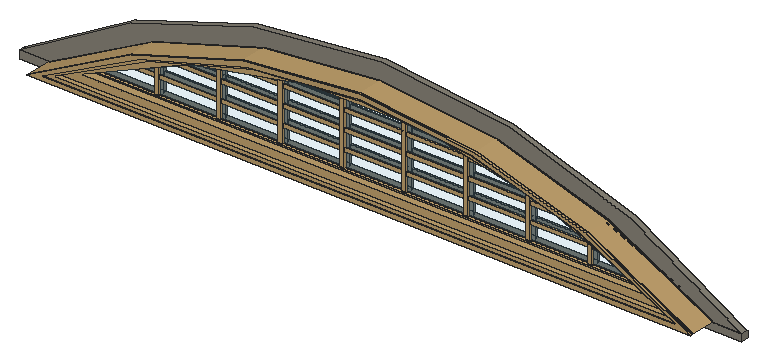
Revit family
Parameters (values of type "CUCART5")
  Window Type = "Clad Ultimate Casement Round Top RT5"
  Void Width = Subsill Length + 2' 0"  # 12' - 10.58331"
  Void Offset = if(Subsill Visibility, 0' 0", 0' 9")  # 0' - 0"
  URL = "www.marvin.com"
  Subsill Length = if(BMC, BMC Chord, Casing Chord)  # 10' - 10.58331"
  Subsill Height_2 = if(Subsill A217, 0' 1 11/32", 0' 0 9/16")  # 0' - 1 11/32"
  Subsill Height = if(Subsill A217 Visibility, 0' 1 11/32", if(Subsill A246 Visibility, 0' 0 9/16", 0' 0"))  # 0' - 1 11/32"
  Subsill A246 Visibility = and(Subsill Visibility, Subsill A246)  # no
  Subsill A217 Visibility = and(Subsill Visibility, Subsill A217)  # yes
  Radius_Glass = Radius - 0' 2 53/256"  # 8' - 10 203/256"
  Radius_Calc = 8 * Height Constraint  # 12' - 0"
  Radius_2 = Radius - 0' 2 29/32"  # 8' - 10 3/32"
  Muntins Interior Visibility = yes
  Muntins Interior Material = Wood-Marvin-Pine
  Muntins Exterior Visibility = yes
  Muntins Exterior Material = Aluminum-Marvin-Bronze
  Muntin Offset = (Width - DLO Chord) / 2  # 0' - 10.62896"
  Mask Offset [instance] = if(Inset to Installation Flange = 0' 1 3/32", 0' 0 1/32", 0' 0")  # 0' - 0"
  Lites Wide = 9
  Lites High = 4
  Interior Material = Wood-Marvin-Pine
  Height Constraint = if(or(Nominal Width / Nominal Height = 2, Nominal Width / Nominal Height < 2), Nominal Width / 2 - 0' 2", if(Nominal Height < 0' 7", 0' 7", Nominal Height))  # 1' - 6"
  Frame = "Aluminum Clad"
  Flat Casing Visibility = and(Casing Visibility, Flat Casing)  # yes
  Design Pressure = "DP50"
  Daylight Area = (DLO Radius ^ 2) / 2 * ((3.1416 / 180) * Angle Sector2 - sin(Angle Sector))  # 5.63868 SF
  DLO Chord = 2 * (sqrt(Radius_2 ^ 2 - (Radius - Height Constraint + 0' 2 29/32") ^ 2))  # 8' - 2.74209"
  Cladding Material = Aluminum-Marvin-Bronze
  Casing Width_3 = if(BMC, 0' 1 7/16", 0' 3 1/8")  # 0' - 3 1/8"
  Casing Width_2 = if(BMC, 0' 1 5/16", 0' 3")  # 0' - 3"
  Casing Visibility = yes
  Subsill Visibility = yes
  CC 3 = (2 * (sqrt(Radius_Glass ^ 2 - (Radius - Height Constraint + 0' 2 53/256") ^ 2))) / 2  # 4' - 4.12665"
  CC 2 = Casing Chord / 2  # 5' - 5.29165"
  CC = (2 * (sqrt(Radius ^ 2 - (Radius - Height Constraint - 0' 3") ^ 2))) / 2  # 5' - 4.31951"
  Casing Chord = 2 * (sqrt(Casing Radius ^ 2 - (Radius - Height Constraint) ^ 2))  # 10' - 10.58331"
  BMC Visibility = and(Casing Visibility, BMC)  # no
  BMC Chord = 2 * (sqrt((Radius + 0' 1 5/16") ^ 2 - (Radius - Height Constraint) ^ 2))  # 10' - 4.70521"
  BMC = no
  Flat Casing = not(BMC)  # yes
  Subsill A246 = no
  Subsill A217 = not(Subsill A246)  # yes
  Glazing Material = Glass-Marvin-IG Low E II with Argon
  Radius = Width ^ 2 / Radius_Calc + Height Constraint / 2  # 9' - 1"
  Nominal Width = 10' - 0"
  Nominal Height = 1' - 6"
  Model = "CUCART5"
  Mask [instance] = Inset to Installation Flange > 0' 1 3/32"  # no
  Manufacturer = "Marvin Windows and Doors"
  Label Visibility = no
  Glass Type = "IG Low E II with Argon"
  Family created by = "www.rbuiltcomponents.com"
  Rough Width = Width + 0' 1"  # 10' - 1"
  Rough Height = Height Constraint + 0' 0 1/2"  # 1' - 6 1/2"
  Jamb Extension Visibility = yes
  Inset to Installation Flange [instance] = 0' - 1"
  Height = Nominal Height  # 1' - 6"
  Description = "FIXED RT5"
  Default Head Height = 8' - 0"
  Wall Closure = (empty or 0)
  Width = Nominal Width  # 10' - 0"
  DLO Radius = Radius - 0' 2 29/32"  # 8' - 10 3/32"
  DLO Width = Width - 0' 5 13/16"  # 9' - 6 3/16"
  DLO Height = Height Constraint - 0' 5 13/16"  # 1' - 0 3/16"
  Casing Width = if(BMC Visibility, 0' 1 5/16", if(Flat Casing Visibility, 0' 3", 0' 0"))  # 0' - 3"
  Casing Radius = Radius + Casing Width  # 9' - 4"
  Assembly Code = ""
  Angle Sector2 = Angle Sector * 1 / 1.00°  # 55.4661
  Angle Sector = 2 * acos((DLO Radius - DLO Height) / DLO Radius)  # 55.4661°
Reference planes (in)
  plane 1 "Center (Front/Back)": y = 0
  plane 2: z = 0
  plane 3 "Center (Left/Right)": x = -3
  plane 4 "Left": x = -63
  plane 5 "Right": x = 57
  plane 6 "Sill": z = 78
  plane 7 "Top": z = 96
  plane 8 "Inset": y = 2
  plane 9 "Glazing": y = 1.53125
  plane 10 "Jamb Ext Face": y = -2.5625
  plane 11: z = 87
  plane 12: z = 78
  plane 13: z = 75
  plane 14: x = 61.31951
  plane 15: x = -67.31951
  plane 16: x = 62.29165
  plane 17: x = -68.29165
  plane 18: x = 49.12665
  plane 19: x = -55.12665
  plane 20: z = 80.20703
  plane 21: y = -2.59375
Forms (in)
  Sweep 1, solid, material "Wood-Marvin-Pine" <- "Interior Material"
    path origin (0, 2, 0) x (1, 0, 0) y (0, 0, 1)
      loop
        line (-63, 78) -> (57, 78)
        arc (57, 78) -> (-3, 96) -> (-63, 78) r 109
    profile "Profile_Ext_Clad_Frame : Profile_Ext_Clad_Frame" origin (-3, 2, 78) x (0, 0, 1) y (0, -1, 0)
      loop
        line (0, 4.56199) -> (0, 0.0625) -> (0.0625, 0.0625) -> (0.0625, 0) -> (0, 0) -> (0, -1.09401) -> (0.52105, -1.09401) -> (0.6063, 0.125) -> (2.696, 0.125) -> (2.696, 0.22017) -> (2.90625, 0.43042) -> (2.90625, 0.47297) -> (2.208, 0.47297) -> (2.208, 1.50299) -> (2.90625, 1.50299) -> (2.90625, 1.66374) -> (2.677, 1.89299) -> (2.677, 2) -> (2.5005, 2) -> (2.5005, 2.34399) -> (2.313, 2.34399) -> (2.313, 2.87449) -> (2.1255, 2.87449) -> (2.1255, 3.53074) -> (1.188, 3.53074) -> (1.188, 4.56199) -> (0, 4.56199)
  Extrusion 2, solid, material "Glass-Marvin-IG Low E II with Argon" <- "Glazing Material"
    sketch origin (0, 1.53125, 0) x (1, 0, 0) y (0, 0, 1)
      loop
        arc (49.12665, 80.20703) -> (-3, 93.79297) -> (-55.12665, 80.20703) r 106.79297
        line (-55.12665, 80.20703) -> (49.12665, 80.20703)
    from 0 to 1.03424
  Extrusion 3, void
    sketch origin (0, 0, 0) x (1, 0, 0) y (0, 0, 1)
      loop
        line (-63, 78) -> (57, 78)
        arc (57, 78) -> (-3, 96) -> (-63, 78) r 109
    from -2 to 3
  Extrusion 4, void
    sketch origin (0, 0, 0) x (1, 0, 0) y (0, 0, 1)
      loop
        line (-68.29165, 78) -> (62.29165, 78)
        arc (62.29165, 78) -> (-3, 99) -> (-68.29165, 78) r 112
    from -2 to -3.12756
  Sweep 5, solid, material "Aluminum-Marvin-Bronze" <- "Cladding Material", visible <- "BMC Visibility"
    path origin (0, 2, 0) x (1, 0, 0) y (0, 0, 1)
      loop
        arc (61.31951, 75) -> (-3, 96) -> (-67.31951, 75) r 109
    profile "BMC_Clad : BMC_Clad" origin (-3, 2, 96) x (0, 0, -1) y (0, -1, 0)
      loop
        line (-0.71589, -1.25) -> (-0.38081, -1.09375) -> (0, -1.09375) -> (0, 0) -> (-1.3125, 0) -> (-1.3125, -1.25) -> (-0.71589, -1.25)
  Sweep 6, solid, material "Aluminum-Marvin-Bronze" <- "Cladding Material", visible <- "Flat Casing Visibility"
    path origin (0, 2, 0) x (1, 0, 0) y (0, 0, 1)
      loop
        arc (61.31951, 75) -> (-3, 96) -> (-67.31951, 75) r 109
    profile "Flat_Casing_Clad : Flat_Casing_Clad" origin (-3, 2, 96) x (0, 0, -1) y (0, -1, 0)
      loop
        line (-3, -1.09375) -> (0, -1.09375) -> (0, 0) -> (-3, 0) -> (-3, -1.09375)
  Sweep 7, solid, material "Aluminum-Marvin-Bronze" <- "Cladding Material", visible <- "Subsill Visibility"
    path origin (0, 2, 0) x (1, 0, 0) y (0, 0, 1)
      loop
        line (62.29165, 78) -> (-68.29165, 78)
    profile origin (-3, 2, 78) x (0, 0, -1) y (0, -1, 0)
      loop
        line (0, 0) -> (0, -1.09401) -> (0.15265, -1.09401) -> (0.1875, -1.34375) -> (1.34375, -1.34375) -> (1.34375, 0) -> (0, 0)
  Sweep 8, solid, material "Wood-Marvin-Pine" <- "Interior Material"
    path in 3D
      loop
        line (-55.43854, -1.53074, 80.1255) -> (49.43854, -1.53074, 80.1255)
    profile "Profile_Sill_Close : Profile_Sill_Close" origin (-3, -1.53074, 80.1255) x (0, 1, 0) y (0, 0, 1)
      loop
        line (0, 0) -> (0.65625, 0) -> (0.65625, 0.1875) -> (1.18675, 0.1875) -> (1.18675, 0.375) -> (0, 0.375) -> (0, 0)
  Extrusion 9, void
    sketch origin (0, 2, 0) x (1, 0, 0) y (0, 0, 1)
      loop
        line (62.29165, 78) -> (-68.29165, 78) -> (-68.29165, 76.65625) -> (62.29165, 76.65625) -> (62.29165, 78)
    from 0 to -12
  Extrusion 10, void
    sketch origin (0, 2, 0) x (1, 0, 0) y (0, 0, 1)
      loop
        line (74.29165, 78) -> (55, 78) -> (55, 74) -> (74.29165, 74) -> (74.29165, 78)
      loop
        line (-80.29165, 74) -> (-61, 74) -> (-61, 78) -> (-80.29165, 78) -> (-80.29165, 74)
    from 0.46875 to -2
  Sweep 11, solid, material "Wood-Marvin-Pine" <- "Interior Material"
    path origin (0, -2.5625, 0) x (1, 0, 0) y (0, 0, 1)
      loop
        arc (57, 78) -> (-3, 96) -> (-63, 78) r 109
        line (-63, 78) -> (57, 78)
    profile origin (-3, -2.5625, 78) x (0, 0, -1) y (0, -1, 0)
      loop
        line (0, 0.03125) -> (0, 0.4375) -> (-0.6875, 0.4375) -> (-0.6875, 0.03125) -> (0, 0.03125)
Cuts and joins
  Extrusion 10 cuts Sweep 1
  Extrusion 10 cuts Sweep 8
  joined: Sweep 1, Sweep 8
  Extrusion 10 cuts Sweep 6
  Extrusion 10 cuts Sweep 5
Lines and regions (in)
  Masking region 1
    outline origin (0, 0, 78) x (0, -1, 0) y (1, 0, 0)
      loop
        line (-3.09401, -63) -> (2.5625, -63) -> (2.5625, 57) -> (-3.09401, 57) -> (-3.09401, -63)
  Masking region 2
    outline origin (-3, 0, 0) x (0, 1, 0) y (0, 0, 1)
      loop
        line (3.09375, 96) -> (-2.5625, 96) -> (-2.5625, 78) -> (3.09375, 78) -> (3.09375, 96)
  Masking region 3, visible <- "Mask"
    outline origin (0, 0, 78) x (0, -1, 0) y (1, 0, 0)
      loop
        line (-3.09401, -66) -> (-3, -66) -> (-3, 60) -> (-3.09401, 60) -> (-3.09401, -66)
  Masking region 4, visible <- "Mask"
    outline origin (-3, 0, 0) x (0, 1, 0) y (0, 0, 1)
      loop
        line (3.09375, 99) -> (3, 99) -> (3, 76.65625) -> (3.09375, 76.65625) -> (3.09375, 99)
  Masking region 5, visible <- "Casing Visibility"
    outline origin (0, 0, 78) x (0, -1, 0) y (1, 0, 0)
      loop
        line (-3.09375, -66) -> (-2, -66) -> (-2, -63) -> (-3.09375, -63) -> (-3.09375, -66)
      loop
        line (-3.09375, 57) -> (-2, 57) -> (-2, 60) -> (-3.09375, 60) -> (-3.09375, 57)
  Masking region 6, visible <- "Subsill Visibility"
    outline origin (-3, 0, 0) x (0, 1, 0) y (0, 0, 1)
      loop
        line (3.34375, 76.65625) -> (3.34375, 77.8125) -> (3.09401, 77.84735) -> (3.09401, 78) -> (2, 78) -> (2, 76.65625) -> (3.34375, 76.65625)
  Masking region 7, visible <- "Casing Visibility"
    outline origin (-3, 0, 0) x (0, 1, 0) y (0, 0, 1)
      loop
        line (3.09375, 99) -> (2, 99) -> (2, 96) -> (3.09375, 96) -> (3.09375, 99)
  Masking region 8
    outline origin (0, 0, 78) x (0, -1, 0) y (1, 0, 0)
      loop
        line (2.59375, -63) -> (3, -63) -> (3, 57) -> (2.59375, 57) -> (2.59375, -63)
  Masking region 9
    outline origin (-3, 0, 0) x (0, 1, 0) y (0, 0, 1)
      loop
        line (-2.59375, 96) -> (-3, 96) -> (-3, 78) -> (-2.59375, 78) -> (-2.59375, 96)
  symbolic lines, style "Jamb Extension", visible <- "Jamb Extension Visibility", detail levels fine
    curve 1: line (-3, -3, 95.3125) -> (-3, -2.59375, 95.3125)
    curve 2: line (-3, -3, 78.6875) -> (-3, -2.59375, 78.6875)
    curve 49: line (-62.3125, -2.59375, 78) -> (-62.3125, -3, 78)
    curve 50: line (56.30026, -3, 78) -> (56.30026, -2.59375, 78)
    curve 51: line (57, -3, 78) -> (56.30026, -3, 78)
    curve 52: line (-62.3125, -3, 78) -> (-63, -3, 78)
  symbolic lines, style "WindowsFrameMullionProjection", detail levels coarse+medium
    curve 3: line (57, -2.5625, 78) -> (55.812, -2.5625, 78)
    curve 4: line (55.812, -2.5625, 78) -> (55.812, 3.09375, 78)
    curve 5: line (55.812, 3.09375, 78) -> (57, 3.09375, 78)
    curve 6: line (55.812, 1.875, 78) -> (54.09375, 1.875, 78)
    curve 7: line (54.09375, 1.875, 78) -> (54.09375, 0, 78)
    curve 8: line (-61.812, 0, 78) -> (-60.09375, 0, 78)
    curve 9: line (-63, -2.5625, 78) -> (-61.812, -2.5625, 78)
    curve 10: line (-61.812, -2.5625, 78) -> (-61.812, 3.09375, 78)
    curve 11: line (-61.812, 3.09375, 78) -> (-63, 3.09375, 78)
    curve 12: line (-60.09375, 1.875, 78) -> (-60.09375, 0, 78)
    curve 13: line (-3, 3.09401, 96) -> (-3, 3.09401, 94.812)
    curve 14: line (-3, 3.09401, 94.812) -> (-3, -2.5625, 94.812)
    curve 15: line (-3, -2.5625, 94.812) -> (-3, -2.5625, 96)
    curve 16: line (-3, 1.875, 94.812) -> (-3, 1.875, 93.09375)
    curve 17: line (-3, 1.875, 93.09375) -> (-3, 0, 93.09375)
    curve 18: line (-3, 0, 79.188) -> (-3, 0, 80.90625)
    curve 19: line (-3, 3.09401, 78) -> (-3, 3.09401, 79.188)
    curve 20: line (-3, 3.09401, 79.188) -> (-3, -2.5625, 79.188)
    curve 21: line (-3, -2.5625, 79.188) -> (-3, -2.5625, 78)
    curve 22: line (-3, 1.875, 80.90625) -> (-3, 0, 80.90625)
    curve 23: line (54.09375, 1.875, 78) -> (-60.09375, 1.875, 78)
    curve 24: line (54.09375, 0, 78) -> (55.812, 0, 78)
    curve 25: line (-60.09375, 1.875, 78) -> (-61.812, 1.875, 78)
    curve 26: line (-3, 0, 80.90625) -> (-3, 0, 93.09375)
    curve 27: line (-3, 1.875, 80.90625) -> (-3, 1.875, 79.188)
    curve 28: line (-3, 0, 93.09375) -> (-3, 0, 94.812)
    curve 29: line (-3, 1.875, 93.09375) -> (-3, 1.875, 80.90625)
    curve 38: line (-60.09375, 0, 78) -> (54.09375, 0, 78)
    curve 73: line (-3, -3, 96) -> (-3, 3.09375, 96)
    curve 84: line (-63, 3.09349, 78) -> (-63, -3, 78)
    curve 85: line (57, -3, 78) -> (57, 3.09349, 78)
  symbolic lines, style "WindowsFrameMullionProjection"
    curve 30: line (-3, -2.5625, 79.188) -> (-3, -2.5625, 95.3125)
  symbolic lines, style "Jamb Extension", visible <- "Jamb Extension Visibility"
    curve 31: line (-3, -3, 78.6875) -> (-3, -3, 78)
    curve 32: line (-3, -3, 95.3125) -> (-3, -3, 96)
  symbolic lines, style "WindowsFrameMullionProjection", visible <- "Jamb Extension Visibility", detail levels coarse+medium
    curve 33: line (-3, -2.59375, 95.3125) -> (-3, -3, 95.3125)
    curve 34: line (-3, -3, 95.3125) -> (-3, -3, 96)
    curve 35: line (-3, -2.59375, 78.6875) -> (-3, -3, 78.6875)
    curve 36: line (-3, -3, 78.6875) -> (-3, -3, 78)
    curve 53: line (-62.3125, -2.59375, 78) -> (-62.3125, -3, 78)
    curve 54: line (-63, -3, 78) -> (-62.3125, -3, 78)
    curve 55: line (56.30026, -3, 78) -> (56.30026, -2.59375, 78)
    curve 56: line (56.30026, -3, 78) -> (57, -3, 78)
  symbolic lines, style "WindowsGlassProjection", detail levels coarse+medium
    curve 37: line (-60.09375, 0.9375, 78) -> (54.09375, 0.9375, 78)
    curve 69: line (-3, 0.9375, 80.90625) -> (-3, 0.9375, 93.09375)
  symbolic lines, style "Jamb Extension", visible <- "BMC Visibility", detail levels fine
    curve 39: line (-64.3125, 3.24974, 78) -> (-63.71589, 3.24974, 78)
    curve 40: line (-63.71589, 3.24974, 78) -> (-63.38081, 3.09349, 78)
    curve 41: line (-64.3125, 3.09375, 78) -> (-64.3125, 3.24974, 78)
    curve 42: line (57.71589, 3.24974, 78) -> (58.3125, 3.24974, 78)
    curve 43: line (57.38081, 3.09349, 78) -> (57.71589, 3.24974, 78)
    curve 44: line (58.3125, 3.24974, 78) -> (58.3125, 3.09375, 78)
    curve 45: line (-63.38081, 3.09349, 78) -> (-63, 3.09349, 78)
    curve 46: line (57.38081, 3.09349, 78) -> (57, 3.09349, 78)
    curve 75: line (-3, 3.25, 96.65144) -> (-3, 3.25, 99)
    curve 76: line (-3, 3.09375, 96) -> (-3, 3.09375, 96.38081)
    curve 77: line (-3, 3.09375, 96.38081) -> (-3, 3.25, 96.65144)
    curve 78: line (-3, 3.25, 99) -> (-3, 3.09375, 99)
  symbolic lines, style "Jamb Extension", visible <- "Flat Casing Visibility", detail levels fine
    curve 47: line (-63, 3.09375, 78) -> (-66, 3.09375, 78)
    curve 48: line (60, 3.09375, 78) -> (57, 3.09375, 78)
    curve 82: line (-3, 3.09375, 96) -> (-3, 3.09375, 99)
    curve 83: line (-3, 3.09375, 99) -> (-3, 2, 99)
  symbolic lines, style "WindowsFrameMullionProjection", visible <- "BMC Visibility", detail levels coarse+medium
    curve 57: line (-64.3125, 2, 78) -> (-64.3125, 3.24974, 78)
    curve 58: line (-64.3125, 3.24974, 78) -> (-63.71589, 3.24974, 78)
    curve 59: line (-63.71589, 3.24974, 78) -> (-63.38081, 3.09349, 78)
    curve 60: line (-63.38081, 3.09349, 78) -> (-63, 3.09349, 78)
    curve 61: line (58.3125, 3.24974, 78) -> (58.3125, 2, 78)
    curve 62: line (57.38081, 3.09349, 78) -> (57.71589, 3.24974, 78)
    curve 63: line (57.71589, 3.24974, 78) -> (58.3125, 3.24974, 78)
    curve 64: line (57, 3.09349, 78) -> (57.38081, 3.09349, 78)
    curve 70: line (-3, 3.25, 96.65144) -> (-3, 3.25, 99)
    curve 71: line (-3, 3.09375, 96) -> (-3, 3.09375, 96.38081)
    curve 72: line (-3, 3.09375, 96.38081) -> (-3, 3.25, 96.65144)
    curve 74: line (-3, 3.25, 99) -> (-3, 2, 99)
  symbolic lines, style "WindowsFrameMullionProjection", visible <- "Flat Casing Visibility", detail levels coarse+medium
    curve 65: line (60, 3.09375, 78) -> (57, 3.09375, 78)
    curve 66: line (60, 3.09375, 78) -> (60, 2, 78)
    curve 67: line (-66, 2, 78) -> (-66, 3.09375, 78)
    curve 68: line (-63, 3.09375, 78) -> (-66, 3.09375, 78)
    curve 80: line (-3, 3.09375, 96) -> (-3, 3.09375, 99)
    curve 81: line (-3, 3.09375, 99) -> (-3, 2, 99)
  symbolic lines, style "WindowsFrameMullionProjection", visible <- "Casing Visibility", detail levels coarse+medium
    curve 79: line (-3, 2, 99) -> (-3, 2, 96)
    curve 91: line (-63, 2, 78) -> (-66, 2, 78)
    curve 92: line (60, 2, 78) -> (57, 2, 78)
  symbolic lines, style "WindowsFrameMullionProjection", visible <- "Subsill Visibility", detail levels coarse+medium
    curve 86: line (-3, 3.09401, 77.84735) -> (-3, 3.09401, 78)
    curve 87: line (-3, 3.34375, 77.8125) -> (-3, 3.09401, 77.84735)
    curve 88: line (-3, 3.34375, 76.65625) -> (-3, 3.34375, 77.8125)
    curve 89: line (-3, 2, 76.65625) -> (-3, 3.34375, 76.65625)
  sketch lines
    curve 90: line (-55.43854, -1.53074, 80.1255) -> (49.43854, -1.53074, 80.1255)
Text (in)
  text "EXTERIOR" at (-58.6888, 50.90694, 0), in view "Ref. Level"
  text "INTERIOR" at (-58.6888, -37.76638, 0), in view "Ref. Level"
  text "Exterior" at (0, 43.65631, 123.19604), in view "Left"
  text "Exterior" at (0, 18.29385, 125.04747), in view "Right"
Dimensions and locks (in)
  equal spacing: plane 4 "Left", plane 3 "Center (Left/Right)", plane 5 "Right"
  "Width": plane 4 "Left" to plane 5 "Right"
  "Inset to Installation Flange": host wall to plane 8 "Inset"
  locked: plane 9 "Glazing" to plane 8 "Inset" at 0.46875
  locked: plane 10 "Jamb Ext Face" to plane 8 "Inset" at 4.5625
  "Default Head Height": plane 2 to plane 7 "Top"
  locked: nested 2 to host wall at 12.00106
  locked: plane 9 "Glazing" to Extrusion 2 at 1.03424
  locked: curve 33 to plane 7 "Top" at 0.6875
  locked: plane 6 "Sill" to curve 35 at 0.6875
  locked: Sweep 7 sketch curve to Sweep 7 sketch curve at 1.34375
  "Casing Width": Masking region 3 sketch curve to plane 4 "Left"
  "Casing Width": plane 5 "Right" to Masking region 3 sketch curve
  "Casing Width_2": Masking region 5 sketch curve to plane 4 "Left"
  "Casing Width_2": plane 5 "Right" to Masking region 5 sketch curve
  locked: Extrusion 4 to host wall at 0.12756
  "Subsill Height": Masking region 4 sketch curve to plane 6 "Sill"
  "Casing Width": plane 7 "Top" to Masking region 4 sketch curve
  "Casing Width_2": plane 7 "Top" to Masking region 7 sketch curve
  locked: nested 5 to plane 9 "Glazing" at 1.03125
  locked: plane 6 "Sill" to plane 12
  equal spacing: plane 12, plane 11, plane 7 "Top"
  locked: curve 57 to plane 4 "Left" at 1.3125
  locked: plane 8 "Inset" to Sweep 5 at 1.25  (x2)
  locked: curve 59 to plane 4 "Left" at 0.71589
  locked: plane 4 "Left" to curve 53 at 0.6875
  plane 4 "Left" to curve 10 to curve 12 = 0' - 1.188" locked, 0' - 1.71825" locked
  locked: curve 8 to plane 9 "Glazing" at 1.53125
  locked: curve 24 to plane 9 "Glazing" at 1.53125
  plane 5 "Right" to curve 63 to curve 61 = 0' - 0.71589" locked, 0' - 0.59661" locked
  curve 7 to curve 4 to plane 5 "Right" = 0' - 1.71825" locked, 0' - 1.188" locked
  locked: curve 55 to plane 5 "Right" at 0.69974
  "Subsill Height_2": Sweep 7 sketch curve to plane 12
  "Height Constraint": plane 12 to plane 7 "Top"
  "Subsill Height_2": Extrusion 9 sketch curve to plane 12
  plane 8 "Inset" to Extrusion 9 = 1' - 0"
  "Void Offset": plane 8 "Inset" to Extrusion 9
  locked: Extrusion 10 to plane 8 "Inset" at 2
  locked: Sweep 11 sketch curve to profile plane at 0.6875
  "Subsill Length": Extrusion 9 sketch curve to Extrusion 9 sketch curve
  equal spacing: Extrusion 9 sketch curve, plane 3 "Center (Left/Right)", Extrusion 9 sketch curve
  "Subsill Length": Sweep 7 sketch curve to Sweep 7 sketch curve
  equal spacing: Sweep 7 sketch curve, plane 3 "Center (Left/Right)", Sweep 7 sketch curve
  equal spacing: Extrusion 10 sketch curve, plane 3 "Center (Left/Right)", Extrusion 10 sketch curve
  "Void Width": Extrusion 10 sketch curve to Extrusion 10 sketch curve
  locked: Extrusion 10 sketch curve to plane 12 at 4  (x2)
  locked: Extrusion 10 sketch curve to plane 5 "Right" at 2
  locked: plane 4 "Left" to Extrusion 10 sketch curve at 2
  "Casing Width": plane 7 "Top" to Extrusion 4 sketch curve
  locked: plane 13 to plane 12 at 3
  "CC": plane 3 "Center (Left/Right)" to plane 14
  "CC": plane 3 "Center (Left/Right)" to plane 15
  "Height Constraint": plane 12 to Sweep 6 sketch curve
  "CC 2": plane 16 to plane 3 "Center (Left/Right)"
  "CC 2": plane 3 "Center (Left/Right)" to plane 17
  "Height Constraint": plane 12 to Sweep 5 sketch curve
  "Height Constraint": plane 12 to Sweep 1 sketch curve
  "Height Constraint": Sweep 11 sketch curve to plane 6 "Sill"
  "CC 3": plane 18 to plane 3 "Center (Left/Right)"
  "CC 3": plane 3 "Center (Left/Right)" to plane 19
  locked: plane 12 to plane 20 at 2.20703
  locked: Extrusion 2 sketch curve to plane 7 "Top" at 2.20703
  "Height Constraint": Extrusion 3 sketch curve to plane 6 "Sill"
  locked: plane 21 to plane 10 "Jamb Ext Face" at 0.03125
  "Mask Offset": Masking region 3 sketch curve to host wall
  "Mask Offset": Masking region 4 sketch curve to host wall
  locked: plane 8 "Inset" to curve 58 at 1.24974
  locked: plane 8 "Inset" to curve 60 at 1.09349
  aligned and locked: nested 1 to plane 3 "Center (Left/Right)"
  aligned and locked: plane 8 "Inset" to nested 1
  aligned and locked: plane 5 "Right" to Masking region 1 sketch curve
  aligned and locked: Masking region 1 sketch curve to plane 4 "Left"
  aligned and locked: plane 7 "Top" to Masking region 2 sketch curve
  aligned and locked: Masking region 2 sketch curve to plane 6 "Sill"
  aligned and locked: plane 3 "Center (Left/Right)" to nested 2
  aligned and locked: curve 21 to plane 10 "Jamb Ext Face"
  aligned and locked: curve 20 to curve 30
  aligned and locked: plane 6 "Sill" to curve 31
  aligned and locked: curve 31 to host wall
  aligned and locked: host wall to curve 34
  aligned and locked: plane 6 "Sill" to curve 36
  aligned and locked: Extrusion 2 to plane 9 "Glazing"
  aligned and locked: plane 9 "Glazing" to Extrusion 2
  aligned and locked: nested 3 to plane 6 "Sill"
  aligned and locked: curve 14 to nested 3
  aligned and locked: curve 13 to nested 3
  aligned and locked: curve 16 to nested 3
  aligned and locked: curve 28 to nested 3
  aligned and locked: curve 17 to nested 3
  aligned and locked: curve 19 to nested 3
  aligned and locked: curve 20 to nested 3
  aligned and locked: curve 22 to nested 3
  aligned and locked: curve 27 to nested 3
  aligned and locked: nested 3 to curve 18
  aligned and locked: Extrusion 3 to plane 8 "Inset"
  aligned and locked: host wall to Extrusion 3
  aligned and locked: Sweep 7 sketch curve to plane 8 "Inset"
  aligned and locked: plane 4 "Left" to Masking region 5 sketch curve
  aligned and locked: Masking region 5 sketch curve to plane 8 "Inset"  (x2)
  aligned and locked: Masking region 5 sketch curve to plane 5 "Right"
  aligned and locked: curve 7 to curve 37
  aligned and locked: curve 12 to curve 38
  aligned and locked: curve 8 to curve 38
  aligned and locked: plane 5 "Right" to curve 46
  aligned and locked: curve 47 to Masking region 5
  aligned and locked: plane 8 "Inset" to Extrusion 4
  aligned and locked: Masking region 5 to curve 65
  aligned and locked: nested 3 to plane 8 "Inset"
  aligned and locked: Masking region 6 sketch curve to Sweep 7  (x6)
  aligned and locked: Masking region 7 sketch curve to plane 7 "Top"
  aligned and locked: Masking region 7 sketch curve to plane 8 "Inset"
  aligned and locked: curve 73 to nested 3
  aligned and locked: curve 74 to Masking region 7
  aligned and locked: nested 4 to plane 3 "Center (Left/Right)"
  aligned and locked: plane 3 "Center (Left/Right)" to nested 5
  aligned and locked: plane 9 "Glazing" to nested 4
  aligned and locked: curve 86 to Sweep 7
  aligned and locked: curve 87 to Sweep 7
  aligned and locked: curve 88 to Sweep 7
  aligned and locked: curve 89 to Sweep 7
  aligned and locked: plane 11 to nested 4
  aligned and locked: nested 5 to plane 11
  aligned and locked: curve 85 to plane 5 "Right"
  aligned and locked: curve 67 to Masking region 5
  aligned and locked: plane 4 "Left" to curve 84
  aligned and locked: curve 25 to nested 1
  aligned and locked: curve 66 to Masking region 5
  aligned and locked: curve 6 to nested 1
  aligned and locked: Sweep 6 to Masking region 5 sketch curve  (x2)
  aligned and locked: Masking region 3 sketch curve to Sweep 7
  aligned and locked: Masking region 1 sketch curve to Sweep 7
  aligned and locked: Sweep 6 to Masking region 4 sketch curve
  aligned and locked: curve 79 to plane 8 "Inset"
  aligned and locked: curve 80 to Masking region 7
  aligned and locked: curve 81 to Masking region 7
  aligned and locked: Sweep 5 to curve 75
  aligned and locked: Sweep 6 to Masking region 7 sketch curve
  aligned and locked: Sweep 6 to Masking region 2 sketch curve
  aligned and locked: Extrusion 3 sketch curve to plane 12
  aligned and locked: plane 12 to Sweep 7 sketch curve
  aligned and locked: plane 12 to Extrusion 9 sketch curve
  aligned and locked: plane 5 "Right" to Sweep 1 sketch curve
  aligned and locked: plane 12 to Sweep 1 sketch curve  (x2)
  aligned and locked: Sweep 11 sketch curve to plane 6 "Sill"
  aligned and locked: Sweep 11 sketch curve to profile plane
  aligned and locked: host wall to Sweep 11 sketch curve
  aligned and locked: plane 9 "Glazing" to Extrusion 10
  aligned and locked: curve 91 to plane 8 "Inset"
  aligned and locked: curve 92 to plane 8 "Inset"
  aligned and locked: plane 3 "Center (Left/Right)" to Extrusion 4 sketch curve
  aligned and locked: Extrusion 4 sketch curve to plane 6 "Sill"
  aligned and locked: plane 3 "Center (Left/Right)" to Sweep 6 sketch curve
  aligned and locked: plane 13 to Sweep 6 sketch curve  (x2)
  aligned and locked: plane 16 to Extrusion 4 sketch curve
  aligned and locked: plane 17 to Extrusion 4 sketch curve
  aligned and locked: plane 13 to Sweep 5 sketch curve  (x2)
  aligned and locked: plane 14 to Sweep 5 sketch curve
  aligned and locked: plane 15 to Sweep 5 sketch curve
  aligned and locked: plane 4 "Left" to Sweep 1 sketch curve
  aligned and locked: plane 4 "Left" to Sweep 11 sketch curve
  aligned and locked: plane 6 "Sill" to Sweep 11 sketch curve
  aligned and locked: plane 5 "Right" to Sweep 11 sketch curve
  aligned and locked: plane 18 to Extrusion 2 sketch curve
  aligned and locked: plane 20 to Extrusion 2 sketch curve  (x2)
  aligned and locked: plane 19 to Extrusion 2 sketch curve
  aligned and locked: plane 4 "Left" to Extrusion 3 sketch curve
  aligned and locked: plane 6 "Sill" to Extrusion 3 sketch curve
  aligned and locked: plane 5 "Right" to Extrusion 3 sketch curve
  aligned and locked: Sweep 11 sketch curve to plane 21
  aligned and locked: plane 21 to curve 49
  aligned and locked: plane 21 to curve 53
  aligned and locked: plane 21 to curve 50
  aligned and locked: plane 21 to curve 55
  aligned and locked: Masking region 1 sketch curve to plane 10 "Jamb Ext Face"
  aligned and locked: Masking region 8 sketch curve to plane 4 "Left"
  aligned and locked: plane 5 "Right" to Masking region 8 sketch curve
  aligned and locked: plane 21 to Masking region 8 sketch curve
  aligned and locked: Masking region 8 sketch curve to host wall
  aligned and locked: plane 21 to curve 2
  aligned and locked: plane 21 to curve 35
  aligned and locked: plane 21 to curve 1
  aligned and locked: plane 21 to curve 33
  aligned and locked: Masking region 2 sketch curve to plane 10 "Jamb Ext Face"
  aligned and locked: plane 7 "Top" to Masking region 9 sketch curve
  aligned and locked: Masking region 9 sketch curve to plane 6 "Sill"
  aligned and locked: plane 21 to Masking region 9 sketch curve
  aligned and locked: Masking region 9 sketch curve to host wall
  aligned and locked: curve 58 to curve 63
  aligned and locked: curve 60 to curve 64
  aligned and locked: host wall to curve 54
Automatic sketch dimensions
  Sweep 7 sketch curve to profile plane = 0' - 0"
  Sweep 7 sketch curve to Sweep 7 sketch curve = 0' - 0.15265"
  Sweep 7 sketch curve to profile plane = 0' - 0 3/16"
  Sweep 7 sketch curve to Sweep 7 sketch curve = 0' - 0.24974"
  Extrusion 10 sketch curve to plane 6 "Sill" = 0' - 0"  (x2)
  Sweep 6 sketch curve to plane 15 = 0' - 0"
  curve 14 to plane 10 "Jamb Ext Face" = 0' - 0"
  curve 89 to plane 8 "Inset" = 0' - 0"
  curve 21 to plane 6 "Sill" = 0' - 0"
  curve 86 to plane 6 "Sill" = 0' - 0"
  curve 13 to plane 7 "Top" = 0' - 0"
  plane 9 "Glazing" to curve 69 = 0' - 0 19/32"
  curve 30 to curve 1 = 0' - 0"
  curve 72 to plane 7 "Top" = 0' - 0.38081"
  curve 71 to curve 70 = 0' - 0.27063"
  curve 9 to plane 10 "Jamb Ext Face" = 0' - 0"
  curve 3 to plane 10 "Jamb Ext Face" = 0' - 0"
  curve 51 to host wall = 0' - 0"
  curve 68 to plane 4 "Left" = 0' - 0"
  curve 48 to plane 5 "Right" = 0' - 0"
  plane 9 "Glazing" to curve 37 = 0' - 0 19/32"
  curve 39 to curve 45 = 0' - 0.33508"
  curve 62 to curve 42 = 0' - 0.33508"
Nested families (in)
  nested 1: "Roundtop_Plan_Detail" at (-3, 2, 78) x (-1, 0, 0) z (0, 0, -1), type "Roundtop_Plan_Detail"
    with Width 10' - 0", Plan Swing RH no, Plan Swing Length 9' - 9 5/8", Plan Swing LH no
  nested 2: "Label Annotation 1-16 w4" at (-3, 15.00106, 0), visible <- "Label Visibility", type "Label Annotation 1-16 w4"
  nested 3: "Roundtop_Section_Detail" at (-3, 2, 78) x (0, -1, 0) z (1, 0, 0), type "Roundtop_Section_Detail", detail levels fine
    with Height 1' - 6"
  nested 4: "Muntins" at (-3, 1.53125, 44.78125), Muntin Material <- "Muntins Exterior Material", visible <- "Muntins Exterior Visibility", type "Muntins"
    with Muntin Material Aluminum-Marvin-Bronze
  nested 5: "Muntins" at (-3, 0.5, 44.78125), Muntin Material <- "Muntins Interior Material", visible <- "Muntins Interior Visibility", type "Muntins"
    with Muntin Material Wood-Marvin-Pine
Definition of nested family "Muntins"
  Parameters (values of type "Muntins")
    Width_2 = 9' - 6 3/16"
    Radius_2 = Radius - 0' 2 19/32"  # 8' - 10 13/32"
    Radius = 9' - 1"
    Muntin Offset = 0' - 10 161/256"
    Height Void = GlazingHeight + 0' 0 9/16"  # 1' - 0 3/4"
    GlazingWidth = Chord  # 8' - 2 95/128"
    GlazingHeight = 1' - 0 3/16"
    Width = Chord + (Muntin Offset / 0' 2 11/32") * 0' 0 7/16"  # 8' - 4.72625"
    VerticalMuntins = if(LitesHorizontal < 3, 2, LitesHorizontal - 1)  # 8
    VertMuntVisible = LitesHorizontal > 2  # yes
    MuntinWidth = 0' - 0 3/4"
    MuntinDepth = 0' - 0 1/4"
    Muntin Material [instance] = none
    LitesVertical = 4
    LitesHorizontal = 9
    HorizontalMuntins = if(LitesVertical < 3, 2, LitesVertical - 1)  # 3
    HorizMuntVisible = LitesVertical > 2  # yes
    Height = GlazingHeight + 0' 0 11/16"  # 1' - 0 7/8"
    Inset Vert = if(LitesHorizontal < 3, (Width / 3) - (MuntinWidth / 2), (Width / LitesHorizontal) - (MuntinWidth / 2))  # 0' - 10.81681"
    Inset Horiz = if(LitesVertical < 3, (Height / 3) - (MuntinWidth / 2), (Height / LitesVertical) - (MuntinWidth / 2))  # 0' - 2 27/32"
    Chord = 8' - 2 95/128"
    CenterMuntinVertical = LitesHorizontal = 2  # no
    CenterMuntinHorizontal = LitesVertical = 2  # no
    Assembly Code = ""
  Reference planes (in)
    plane 1 "Center (Front/Back)": y = 0
    plane 2: z = 0
    plane 3 "Center (Left/Right)": x = 0
    plane 4: z = 35.78125
    plane 5: z = 42.21875
    plane 6: z = 48.65625
    plane 7: z = 45.8125
    plane 8: z = 38.625
    plane 9: z = 48.3125
    plane 10: z = 36.125
    plane 11: x = -49.37109
    plane 12: x = 49.37109
    plane 13: x = -39.54632
    plane 14: x = -50.36312
    plane 15: x = 50.36313
    plane 16: x = 39.54632
    plane 17: z = 33.21875
  Forms (in)
    Extrusion 1, solid, material <- "Muntin Material", visible <- "CenterMuntinVertical", detail levels medium+fine
      sketch origin (9, 0, 0) x (1, 0, 0) y (0, 0, 1)
        loop
          line (-9.375, 48.65625) -> (-9.375, 35.78125) -> (-8.625, 35.78125) -> (-8.625, 48.65625) -> (-9.375, 48.65625)
      from 0 to 0.25 <- "MuntinDepth"
    Extrusion 2, solid, material <- "Muntin Material", visible <- "CenterMuntinHorizontal", detail levels medium+fine
      sketch origin (-0.0013, 0, 14.6875) x (1, 0, 0) y (0, 0, 1)
        loop
          line (-50.36182, 27.90625) -> (-50.36182, 27.15625) -> (50.36443, 27.15625) -> (50.36443, 27.90625) -> (-50.36182, 27.90625)
      from 0 to 0.25 <- "MuntinDepth"
    Extrusion 3, solid, material <- "Muntin Material", visible <- "VertMuntVisible", detail levels medium+fine
      sketch origin (-29.15644, 0, -2.90625) x (1, 0, 0) y (0, 0, 1)
        loop
          line (-10.38988, 51.5625) -> (-10.38988, 38.6875) -> (-9.63988, 38.6875) -> (-9.63988, 51.5625) -> (-10.38988, 51.5625)
      from 0 to 0.25 <- "MuntinDepth"
    Extrusion 4, solid, material <- "Muntin Material", visible <- "HorizMuntVisible", detail levels medium+fine
      sketch origin (35.04802, 0, -7.27232) x (1, 0, 0) y (0, 0, 1)
        loop
          line (-85.41115, 46.64732) -> (-85.41115, 45.89732) -> (15.3151, 45.89732) -> (15.3151, 46.64732) -> (-85.41115, 46.64732)
      from 0 to 0.25 <- "MuntinDepth"
    Extrusion 5, void
      sketch origin (0, 0, 0) x (1, 0, 0) y (0, 0, 1)
        loop
          arc (-50.36312, 35.78125) -> (0, 48.53125) -> (50.36313, 35.78125) r 105.84341
          line (50.36313, 35.78125) -> (56.36313, 35.78125) -> (56.36313, 142.1875) -> (-56.36312, 142.1875) -> (-56.36312, 35.78125) -> (-50.36312, 35.78125)
      from -1 to 1
    Extrusion 6, solid, material <- "Muntin Material", visible <- "CenterMuntinVertical", detail levels coarse
      sketch origin (9, 0, 0) x (1, 0, 0) y (0, 0, 1)
        loop
          line (-9.03125, 48.65625) -> (-9.03125, 35.78125) -> (-8.96875, 35.78125) -> (-8.96875, 48.65625) -> (-9.03125, 48.65625)
      from 0 to 0.0625
    Extrusion 7, solid, material <- "Muntin Material", visible <- "VertMuntVisible", detail levels coarse
      sketch origin (-29.17206, 0, 0) x (1, 0, 0) y (0, 0, 1)
        loop
          line (-10.01488, 48.65625) -> (-10.01488, 35.78125) -> (-9.98363, 35.78125) -> (-9.98363, 48.65625) -> (-10.01488, 48.65625)
      from 0 to 0.0625
    Extrusion 8, solid, material <- "Muntin Material", visible <- "CenterMuntinHorizontal", detail levels coarse
      sketch origin (-0.0013, 0, 14.6875) x (1, 0, 0) y (0, 0, 1)
        loop
          line (-50.36182, 27.5625) -> (-50.36182, 27.5) -> (50.36443, 27.5) -> (50.36443, 27.5625) -> (-50.36182, 27.5625)
      from 0 to 0.0625
    Extrusion 9, solid, material <- "Muntin Material", visible <- "HorizMuntVisible", detail levels coarse
      sketch origin (29.04932, 0, -9.91295) x (1, 0, 0) y (0, 0, 1)
        loop
          line (-79.41245, 48.95982) -> (-79.41245, 48.89732) -> (21.3138, 48.89732) -> (21.3138, 48.95982) -> (-79.41245, 48.95982)
      from 0 to 0.0625
    Extrusion 10, solid, material <- "Muntin Material", visible <- "VertMuntVisible", detail levels medium+fine
      sketch origin (49.1862, 0, -2.90625) x (1, 0, 0) y (0, 0, 1)
        loop
          line (-10.38988, 51.5625) -> (-10.38988, 38.6875) -> (-9.63988, 38.6875) -> (-9.63988, 51.5625) -> (-10.38988, 51.5625)
      from 0 to 0.25 <- "MuntinDepth"
    Extrusion 11, solid, material <- "Muntin Material", visible <- "VertMuntVisible", detail levels coarse
      sketch origin (49.17058, 0, 0) x (1, 0, 0) y (0, 0, 1)
        loop
          line (-10.01488, 48.65625) -> (-10.01488, 35.78125) -> (-9.98363, 35.78125) -> (-9.98363, 48.65625) -> (-10.01488, 48.65625)
      from 0 to 0.0625
    Extrusion 12, solid, material <- "Muntin Material", visible <- "VertMuntVisible", detail levels medium+fine
      sketch origin (-17.96463, 0, -2.90625) x (1, 0, 0) y (0, 0, 1)
        loop
          line (-10.38988, 51.5625) -> (-10.38988, 38.6875) -> (-9.63988, 38.6875) -> (-9.63988, 51.5625) -> (-10.38988, 51.5625)
      from 0 to 0.25 <- "MuntinDepth"
    Extrusion 13, solid, material <- "Muntin Material", visible <- "VertMuntVisible", detail levels coarse
      sketch origin (-17.98026, 0, 0) x (1, 0, 0) y (0, 0, 1)
        loop
          line (-10.01488, 48.65625) -> (-10.01488, 35.78125) -> (-9.98363, 35.78125) -> (-9.98363, 48.65625) -> (-10.01488, 48.65625)
      from 0 to 0.0625
    Extrusion 14, solid, material <- "Muntin Material", visible <- "HorizMuntVisible", detail levels medium+fine
      sketch origin (35.04802, 0, -0.83482) x (1, 0, 0) y (0, 0, 1)
        loop
          line (-85.41115, 46.64732) -> (-85.41115, 45.89732) -> (15.3151, 45.89732) -> (15.3151, 46.64732) -> (-85.41115, 46.64732)
      from 0 to 0.25 <- "MuntinDepth"
    Extrusion 15, solid, material <- "Muntin Material", visible <- "HorizMuntVisible", detail levels coarse
      sketch origin (29.04932, 0, -3.47545) x (1, 0, 0) y (0, 0, 1)
        loop
          line (-79.41245, 48.95982) -> (-79.41245, 48.89732) -> (21.3138, 48.89732) -> (21.3138, 48.95982) -> (-79.41245, 48.95982)
      from 0 to 0.0625
    Extrusion 16, solid, material <- "Muntin Material", visible <- "VertMuntVisible", detail levels medium+fine
      sketch origin (-6.77283, 0, -2.90625) x (1, 0, 0) y (0, 0, 1)
        loop
          line (-10.38988, 51.5625) -> (-10.38988, 38.6875) -> (-9.63988, 38.6875) -> (-9.63988, 51.5625) -> (-10.38988, 51.5625)
      from 0 to 0.25 <- "MuntinDepth"
    Extrusion 17, solid, material <- "Muntin Material", visible <- "VertMuntVisible", detail levels coarse
      sketch origin (-6.78845, 0, 0) x (1, 0, 0) y (0, 0, 1)
        loop
          line (-10.01488, 48.65625) -> (-10.01488, 35.78125) -> (-9.98363, 35.78125) -> (-9.98363, 48.65625) -> (-10.01488, 48.65625)
      from 0 to 0.0625
    Extrusion 18, solid, material <- "Muntin Material", visible <- "HorizMuntVisible", detail levels medium+fine
      sketch origin (35.04802, 0, -4.05357) x (1, 0, 0) y (0, 0, 1)
        loop
          line (-85.41115, 46.64732) -> (-85.41115, 45.89732) -> (15.3151, 45.89732) -> (15.3151, 46.64732) -> (-85.41115, 46.64732)
      from 0 to 0.25 <- "MuntinDepth"
    Extrusion 19, solid, material <- "Muntin Material", visible <- "HorizMuntVisible", detail levels coarse
      sketch origin (29.04932, 0, -6.6942) x (1, 0, 0) y (0, 0, 1)
        loop
          line (-79.41245, 48.95982) -> (-79.41245, 48.89732) -> (21.3138, 48.89732) -> (21.3138, 48.95982) -> (-79.41245, 48.95982)
      from 0 to 0.0625
    Extrusion 20, solid, material <- "Muntin Material", visible <- "VertMuntVisible", detail levels medium+fine
      sketch origin (4.41898, 0, -2.90625) x (1, 0, 0) y (0, 0, 1)
        loop
          line (-10.38988, 51.5625) -> (-10.38988, 38.6875) -> (-9.63988, 38.6875) -> (-9.63988, 51.5625) -> (-10.38988, 51.5625)
      from 0 to 0.25 <- "MuntinDepth"
    Extrusion 21, solid, material <- "Muntin Material", visible <- "VertMuntVisible", detail levels coarse
      sketch origin (4.40335, 0, 0) x (1, 0, 0) y (0, 0, 1)
        loop
          line (-10.01488, 48.65625) -> (-10.01488, 35.78125) -> (-9.98363, 35.78125) -> (-9.98363, 48.65625) -> (-10.01488, 48.65625)
      from 0 to 0.0625
    Extrusion 22, solid, material <- "Muntin Material", visible <- "VertMuntVisible", detail levels medium+fine
      sketch origin (15.61078, 0, -2.90625) x (1, 0, 0) y (0, 0, 1)
        loop
          line (-10.38988, 51.5625) -> (-10.38988, 38.6875) -> (-9.63988, 38.6875) -> (-9.63988, 51.5625) -> (-10.38988, 51.5625)
      from 0 to 0.25 <- "MuntinDepth"
    Extrusion 23, solid, material <- "Muntin Material", visible <- "VertMuntVisible", detail levels coarse
      sketch origin (15.59516, 0, 0) x (1, 0, 0) y (0, 0, 1)
        loop
          line (-10.01488, 48.65625) -> (-10.01488, 35.78125) -> (-9.98363, 35.78125) -> (-9.98363, 48.65625) -> (-10.01488, 48.65625)
      from 0 to 0.0625
    Extrusion 24, solid, material <- "Muntin Material", visible <- "VertMuntVisible", detail levels medium+fine
      sketch origin (26.80259, 0, -2.90625) x (1, 0, 0) y (0, 0, 1)
        loop
          line (-10.38988, 51.5625) -> (-10.38988, 38.6875) -> (-9.63988, 38.6875) -> (-9.63988, 51.5625) -> (-10.38988, 51.5625)
      from 0 to 0.25 <- "MuntinDepth"
    Extrusion 25, solid, material <- "Muntin Material", visible <- "VertMuntVisible", detail levels coarse
      sketch origin (26.78696, 0, 0) x (1, 0, 0) y (0, 0, 1)
        loop
          line (-10.01488, 48.65625) -> (-10.01488, 35.78125) -> (-9.98363, 35.78125) -> (-9.98363, 48.65625) -> (-10.01488, 48.65625)
      from 0 to 0.0625
    Extrusion 26, solid, material <- "Muntin Material", visible <- "VertMuntVisible", detail levels medium+fine
      sketch origin (37.99439, 0, -2.90625) x (1, 0, 0) y (0, 0, 1)
        loop
          line (-10.38988, 51.5625) -> (-10.38988, 38.6875) -> (-9.63988, 38.6875) -> (-9.63988, 51.5625) -> (-10.38988, 51.5625)
      from 0 to 0.25 <- "MuntinDepth"
    Extrusion 27, solid, material <- "Muntin Material", visible <- "VertMuntVisible", detail levels coarse
      sketch origin (37.97877, 0, 0) x (1, 0, 0) y (0, 0, 1)
        loop
          line (-10.01488, 48.65625) -> (-10.01488, 35.78125) -> (-9.98363, 35.78125) -> (-9.98363, 48.65625) -> (-10.01488, 48.65625)
      from 0 to 0.0625
  Cuts and joins
    Extrusion 5 cuts Extrusion 3
    Extrusion 5 cuts Extrusion 7
    Extrusion 5 cuts Extrusion 10
    Extrusion 5 cuts Extrusion 11
    Extrusion 5 cuts Extrusion 12
    Extrusion 5 cuts Extrusion 13
    Extrusion 5 cuts Extrusion 14
    Extrusion 5 cuts Extrusion 15
    Extrusion 5 cuts Extrusion 2
    Extrusion 5 cuts Extrusion 8
    Extrusion 5 cuts Extrusion 4
    Extrusion 5 cuts Extrusion 9
    Extrusion 5 cuts Extrusion 18
    Extrusion 5 cuts Extrusion 19
    Extrusion 5 cuts Extrusion 24
    Extrusion 5 cuts Extrusion 25
    Extrusion 5 cuts Extrusion 26
    Extrusion 5 cuts Extrusion 27
    Extrusion 5 cuts Extrusion 16
    Extrusion 5 cuts Extrusion 17
    Extrusion 5 cuts Extrusion 22
    Extrusion 5 cuts Extrusion 23
    Extrusion 5 cuts Extrusion 20
    Extrusion 5 cuts Extrusion 21
  Dimensions and locks (in)
    "Inset Horiz": plane 6 to plane 7
    "Inset Horiz": plane 8 to plane 4
    equal spacing: plane 6, plane 5, plane 4
    "Height": plane 6 to plane 4
    "GlazingHeight": plane 9 to plane 10
    equal spacing: plane 9, plane 5, plane 10
    "GlazingWidth": plane 12 to plane 11
    equal spacing: plane 12, plane 3 "Center (Left/Right)", plane 11
    "MuntinWidth": Extrusion 1 sketch curve to Extrusion 1 sketch curve
    "Height": Extrusion 1 sketch curve to Extrusion 1 sketch curve
    "MuntinWidth": Extrusion 2 sketch curve to Extrusion 2 sketch curve
    "Width": Extrusion 2 sketch curve to Extrusion 2 sketch curve
    "MuntinWidth": Extrusion 3 sketch curve to Extrusion 3 sketch curve
    "Height": Extrusion 3 sketch curve to Extrusion 3 sketch curve
    "Width": plane 15 to plane 14
    equal spacing: plane 15, plane 3 "Center (Left/Right)", plane 14
    "Inset Vert": plane 13 to plane 14
    "Inset Vert": plane 15 to plane 16
    "MuntinWidth": Extrusion 4 sketch curve to Extrusion 4 sketch curve
    "Width": Extrusion 4 sketch curve to Extrusion 4 sketch curve
    locked: plane 10 to plane 17 at 2.90625
    Extrusion 6 sketch curve to plane 3 "Center (Left/Right)" to Extrusion 6 sketch curve = 0' - 0 1/32" locked, 0' - 0 1/32" locked
    "Height": Extrusion 6 sketch curve to Extrusion 6 sketch curve
    locked: Extrusion 7 sketch curve to Extrusion 7 sketch curve at 0.03125
    "Height": Extrusion 7 sketch curve to Extrusion 7 sketch curve
    locked: Extrusion 3 to Extrusion 7 at 0.35938
    equal spacing: Extrusion 8 sketch curve, plane 5, Extrusion 8 sketch curve
    "Width": Extrusion 8 sketch curve to Extrusion 8 sketch curve
    Extrusion 9 sketch curve to Extrusion 9 sketch curve = 0' - 0 1/16"
    "Width": Extrusion 9 sketch curve to Extrusion 9 sketch curve
    locked: Extrusion 9 to Extrusion 4 at 0.35937
    "MuntinWidth": Extrusion 10 sketch curve to Extrusion 10 sketch curve
    "Height": Extrusion 10 sketch curve to Extrusion 10 sketch curve
    locked: Extrusion 11 sketch curve to Extrusion 11 sketch curve at 0.03125
    "Height": Extrusion 11 sketch curve to Extrusion 11 sketch curve
    locked: Extrusion 10 to Extrusion 11 at 0.35938
    equal spacing: group 2, group 4, group 7, group 9, group 10, group 11, group 12, group 3  (x3)
    "MuntinWidth": Extrusion 12 sketch curve to Extrusion 12 sketch curve
    "Height": Extrusion 12 sketch curve to Extrusion 12 sketch curve
    locked: Extrusion 13 sketch curve to Extrusion 13 sketch curve at 0.03125
    "Height": Extrusion 13 sketch curve to Extrusion 13 sketch curve
    locked: Extrusion 12 to Extrusion 13 at 0.35938
    "MuntinWidth": Extrusion 14 sketch curve to Extrusion 14 sketch curve
    "Width": Extrusion 14 sketch curve to Extrusion 14 sketch curve
    Extrusion 15 sketch curve to Extrusion 15 sketch curve = 0' - 0 1/16"
    "Width": Extrusion 15 sketch curve to Extrusion 15 sketch curve
    locked: Extrusion 15 to Extrusion 14 at 0.35937
    equal spacing: group 5, group 8, group 6  (x3)
    "MuntinWidth": Extrusion 16 sketch curve to Extrusion 16 sketch curve
    "Height": Extrusion 16 sketch curve to Extrusion 16 sketch curve
    locked: Extrusion 17 sketch curve to Extrusion 17 sketch curve at 0.03125
    "Height": Extrusion 17 sketch curve to Extrusion 17 sketch curve
    locked: Extrusion 16 to Extrusion 17 at 0.35938
    "MuntinWidth": Extrusion 18 sketch curve to Extrusion 18 sketch curve
    "Width": Extrusion 18 sketch curve to Extrusion 18 sketch curve
    Extrusion 19 sketch curve to Extrusion 19 sketch curve = 0' - 0 1/16"
    "Width": Extrusion 19 sketch curve to Extrusion 19 sketch curve
    locked: Extrusion 19 to Extrusion 18 at 0.35937
    "MuntinWidth": Extrusion 20 sketch curve to Extrusion 20 sketch curve
    "Height": Extrusion 20 sketch curve to Extrusion 20 sketch curve
    locked: Extrusion 21 sketch curve to Extrusion 21 sketch curve at 0.03125
    "Height": Extrusion 21 sketch curve to Extrusion 21 sketch curve
    locked: Extrusion 20 to Extrusion 21 at 0.35938
    "MuntinWidth": Extrusion 22 sketch curve to Extrusion 22 sketch curve
    "Height": Extrusion 22 sketch curve to Extrusion 22 sketch curve
    locked: Extrusion 23 sketch curve to Extrusion 23 sketch curve at 0.03125
    "Height": Extrusion 23 sketch curve to Extrusion 23 sketch curve
    locked: Extrusion 22 to Extrusion 23 at 0.35938
    "MuntinWidth": Extrusion 24 sketch curve to Extrusion 24 sketch curve
    "Height": Extrusion 24 sketch curve to Extrusion 24 sketch curve
    locked: Extrusion 25 sketch curve to Extrusion 25 sketch curve at 0.03125
    "Height": Extrusion 25 sketch curve to Extrusion 25 sketch curve
    locked: Extrusion 24 to Extrusion 25 at 0.35938
    "MuntinWidth": Extrusion 26 sketch curve to Extrusion 26 sketch curve
    "Height": Extrusion 26 sketch curve to Extrusion 26 sketch curve
    locked: Extrusion 27 sketch curve to Extrusion 27 sketch curve at 0.03125
    "Height": Extrusion 27 sketch curve to Extrusion 27 sketch curve
    locked: Extrusion 26 to Extrusion 27 at 0.35938
    locked: plane 14 to Extrusion 5 sketch curve at 6
    locked: Extrusion 5 sketch curve to plane 15 at 6
    "Radius_2": Extrusion 5 sketch curve to plane 4
    "Height Void": Extrusion 5 sketch curve to plane 4
    aligned and locked: plane 6 to Extrusion 1  (x2)
    aligned and locked: Extrusion 1 to plane 4  (x3)
    aligned and locked: Extrusion 3 to plane 13  (x6)
    aligned and locked: Extrusion 3 to plane 4  (x4)
    aligned and locked: Extrusion 2 to plane 14
    aligned and locked: plane 15 to Extrusion 2
    aligned and locked: plane 6 to Extrusion 3  (x2)
    aligned and locked: Extrusion 4 to plane 14  (x2)
    aligned and locked: Extrusion 4 to plane 8  (x2)
    aligned and locked: plane 15 to Extrusion 4  (x2)
    aligned and locked: plane 6 to Extrusion 7
    aligned and locked: plane 6 to Extrusion 10
    aligned and locked: plane 6 to Extrusion 11
    aligned and locked: Extrusion 10 to plane 16
    aligned and locked: Extrusion 10 to plane 4
    aligned and locked: Extrusion 11 to plane 4
    aligned and locked: Extrusion 7 to plane 4
    aligned and locked: Extrusion 9 to plane 14
    aligned and locked: plane 15 to Extrusion 9
    aligned and locked: Extrusion 14 to plane 14
    aligned and locked: Extrusion 15 to plane 14
    aligned and locked: plane 7 to Extrusion 14
    aligned and locked: plane 15 to Extrusion 14
    aligned and locked: plane 15 to Extrusion 15
    aligned and locked: plane 14 to Extrusion 5 sketch curve
    aligned and locked: Extrusion 5 sketch curve to plane 4
    aligned and locked: plane 4 to Extrusion 5 sketch curve
    aligned and locked: plane 15 to Extrusion 5 sketch curve
  Automatic sketch dimensions
    Extrusion 1 sketch curve to plane 4 = 0' - 0"
    Extrusion 1 sketch curve to plane 3 "Center (Left/Right)" = 0' - 0 3/8"
    Extrusion 2 sketch curve to plane 14 = 0' - 0"
    Extrusion 2 sketch curve to plane 5 = 0' - 0 3/8"
    Extrusion 6 sketch curve to plane 4 = 0' - 0"
    Extrusion 8 sketch curve to plane 14 = 0' - 0"
    Extrusion 8 sketch curve to plane 5 = 0' - 0 1/32"
    Extrusion 9 sketch curve to Extrusion 9 sketch curve = 0' - 0 1/16"
    Extrusion 15 sketch curve to Extrusion 15 sketch curve = 0' - 0 1/16"
    Extrusion 19 sketch curve to Extrusion 19 sketch curve = 0' - 0 1/16"
Definition of nested family "Roundtop_Plan_Detail"
  Parameters (values of type "Roundtop_Plan_Detail")
    Width = 2' - 0"
    Swing Angle = 15.00°
    Plan Swing RH = yes
    Plan Swing Length = Width - 0' 2 3/8"  # 1' - 9 5/8"
    Plan Swing LH = yes
    Flange = not(Casing)  # no
    Casing = yes
    Assembly Code = ""
  Reference planes (in)
    plane 1 "Center (Front/Back)": y = 0
    plane 2: z = 0
    plane 3 "Center (Left/Right)": x = 0
    plane 4: x = -12
    plane 5: x = 12
    plane 6: x = -10.8125
    plane 7: x = 10.8125
    plane 8: y = -0.125
  Lines and regions (in)
    detail lines, style "Cut Lines", in view "Ref. Level", detail levels fine
      curve 1: line (-9.647, -0.50199, 0) -> (9.647, -0.50199, 0)
      curve 2: line (-9.647, -0.69049, 0) -> (9.647, -0.69049, 0)
      curve 3: line (-9.647, -1.31549, 0) -> (9.647, -1.31549, 0)
      curve 4: line (-9.647, -1.50299, 0) -> (9.647, -1.50299, 0)
    detail lines, style "DetailComponentsHiddenLines", in view "Ref. Level", visible <- "Plan Swing RH"
      curve 5: line (10.8125, -0.125, 0) -> (-10.07565, 5.47196, 0)
      curve 6: arc (-10.07565, 5.47196, 0) -> (-10.6275, 2.69763, 0) -> (-10.8125, -0.125, 0) r 21.625
    detail lines, style "DetailComponentsHiddenLines", in view "Ref. Level", visible <- "Plan Swing LH"
      curve 7: line (-10.8125, -0.125, 0) -> (10.07565, 5.47196, 0)
      curve 8: arc (10.07565, 5.47196, 0) -> (10.6275, 2.69763, 0) -> (10.8125, -0.125, 0) r 21.625
  Dimensions and locks (in)
    equal spacing: plane 4, plane 3 "Center (Left/Right)", plane 5
    "Width": plane 4 to plane 5
    locked: plane 4 to plane 6 at 1.1875
    locked: plane 7 to plane 5 at 1.1875
    locked: plane 8 to plane 1 "Center (Front/Back)" at 0.125
    "Plan Swing Length": curve 5 to curve 5
    "Plan Swing Length": curve 7 to curve 7
    "Swing Angle": angle curve 5 to plane 8
    "Swing Angle": angle plane 8 to curve 7
    aligned and locked: plane 1 "Center (Front/Back)" to nested 1
    aligned and locked: nested 1 to plane 4
    aligned and locked: plane 5 to nested 2
    aligned and locked: nested 2 to plane 1 "Center (Front/Back)"
    aligned and locked: nested 1 to curve 1
    aligned and locked: curve 1 to nested 1
    aligned and locked: curve 2 to nested 1  (x2)
    aligned and locked: nested 1 to curve 3
    aligned and locked: curve 3 to nested 1
    aligned and locked: curve 4 to nested 1  (x2)
  Automatic sketch dimensions
    curve 8 to plane 6 = 0' - 0"
    curve 7 to plane 6 = 0' - 0"
    curve 5 to plane 7 = 0' - 0"
    curve 6 to plane 7 = 0' - 0"
    curve 8 to plane 7 = 0' - 0"
    curve 5 to plane 8 = 0' - 0"
    curve 3 to plane 7 = 0' - 1.1655"
    curve 1 to curve 3 = 0' - 0"
    curve 4 to curve 3 = 0' - 0"
    curve 2 to curve 1 = 0' - 0"
  Nested families (in)
    nested 1: "Jamb_Detail" at (-12, 0, 0), type "Jamb_Detail", in view "Ref. Level", detail levels fine
      with Flange no
    nested 2: "Jamb_Detail" at (12, 0, 0) x (-1, 0, 0) z (0, 0, 1), type "Jamb_Detail", in view "Ref. Level", detail levels fine
      with Flange no
  Definition of nested family "Jamb_Detail"
    Parameters (values of type "Jamb_Detail")
      Flange = yes
      Assembly Code = ""
    Reference planes (in)
      plane 1 "Center (Front/Back)": y = 0
      plane 2: z = 0
      plane 3 "Center (Left/Right)": x = 0
    Lines and regions (in)
      detail lines, style "Cut Lines", in view "Ref. Level"
        curve 1: line (0, 4.56199, 0) -> (1.188, 4.56199, 0)
        curve 2: line (0, -1.09401, 0) -> (0, 4.56199, 0)
        curve 3: line (1.188, 4.56199, 0) -> (1.188, 0.53125, 0)
        curve 4: line (0.52105, -1.09401, 0) -> (0, -1.09401, 0)
        curve 5: line (0.625, 0.39248, 0) -> (0.52105, -1.09401, 0)
        curve 6: line (0.625, 0.39248, 0) -> (0.625, 2, 0)
        curve 12: line (1.188, 3.53074, 0) -> (2.1255, 3.53074, 0)
        curve 13: line (2.1255, 3.53074, 0) -> (2.1255, 2.87449, 0)
        curve 14: line (2.313, 2.87449, 0) -> (2.313, 2.34399, 0)
        curve 15: line (2.5005, 2.34399, 0) -> (2.5005, 2, 0)
        curve 16: line (2.1255, 2.87449, 0) -> (2.313, 2.87449, 0)
        curve 17: line (0.8125, 0.53125, 0) -> (1.188, 0.53125, 0)
        curve 18: line (0.8125, 0.125, 0) -> (0.8125, 0.53125, 0)
        curve 19: line (2.696, 0.125, 0) -> (0.8125, 0.125, 0)
        curve 20: line (2.696, 0.2358, 0) -> (2.696, 0.125, 0)
        curve 21: line (2.90625, 0.44605, 0) -> (2.696, 0.2358, 0)
        curve 22: line (2.208, 0.47297, 0) -> (2.90625, 0.47297, 0)
        curve 23: line (2.208, 1.50299, 0) -> (2.208, 0.47297, 0)
        curve 24: line (2.90625, 1.50299, 0) -> (2.208, 1.50299, 0)
        curve 25: line (2.90625, 1.66374, 0) -> (2.90625, 1.50299, 0)
        curve 26: line (2.677, 2, 0) -> (2.677, 1.89299, 0)
        curve 27: line (0.625, 2, 0) -> (2.677, 2, 0)
        curve 28: line (2.90625, 0.47297, 0) -> (2.90625, 0.44605, 0)
        curve 29: line (2.677, 1.89299, 0) -> (2.90625, 1.66374, 0)
        curve 30: line (2.5005, 2.34399, 0) -> (2.313, 2.34399, 0)
        curve 31: line (2.45402, 1.31549, 0) -> (2.45402, 0.69049, 0)
        curve 32: line (2.6605, 1.31549, 0) -> (2.6605, 0.69049, 0)
        curve 33: line (2.353, 1.50299, 0) -> (2.353, 1.31549, 0)
        curve 34: line (2.353, 0.69049, 0) -> (2.353, 0.50199, 0)
      detail lines, style "Cut Lines", in view "Ref. Level", visible <- "Flange"
        curve 7: line (-1.5, 0, 0) -> (-0.15, 0, 0)
        curve 8: line (0, -0.04501, 0) -> (-1.5, -0.04501, 0)
        curve 9: line (-1.5, -0.04501, 0) -> (-1.5, 0, 0)
        curve 10: line (-0.15, 0.10999, 0) -> (0, 0.10999, 0)
        curve 11: line (-0.15, 0, 0) -> (-0.15, 0.10999, 0)
    Dimensions and locks (in)
      aligned and locked: curve 25 to curve 28
      aligned and locked: curve 24 to curve 33
Definition of nested family "Label Annotation 1-16 w4"
  Parameters
    Nominal Width = 10' - 0"
    Nominal Height = 1' - 6"
    Description = "CSMT RT5"
  Reference planes (in)
    plane 1: y = 0
    plane 2: x = 0
  Text (in)
    label "Nominal Width X  Nominal Height\n\nDescription" at (0.00375, -0.00345, 0), shows "Nominal Width", "Nominal Height", "Description"
Definition of nested family "Roundtop_Section_Detail"
  Parameters (values of type "Roundtop_Section_Detail")
    Height = 3' - 11 1/8"
    Flange = not(Casing)  # no
    Casing = yes
    Assembly Code = ""
  Reference planes (in)
    plane 1 "Center (Front/Back)": y = 0
    plane 2: z = 0
    plane 3 "Center (Left/Right)": x = 0
    plane 4: y = 47.125
  Lines and regions (in)
    detail lines, style "Cut Lines", in view "Ref. Level"
      curve 1: line (0.50199, 2.353, 0) -> (0.50199, 44.772, 0)
      curve 2: line (0.69049, 2.353, 0) -> (0.69049, 44.772, 0)
      curve 3: line (1.31549, 2.353, 0) -> (1.31549, 44.772, 0)
      curve 4: line (1.50299, 2.353, 0) -> (1.50299, 44.772, 0)
  Dimensions and locks (in)
    "Height": plane 4 to plane 1 "Center (Front/Back)"
    aligned and locked: nested 1 to plane 4
